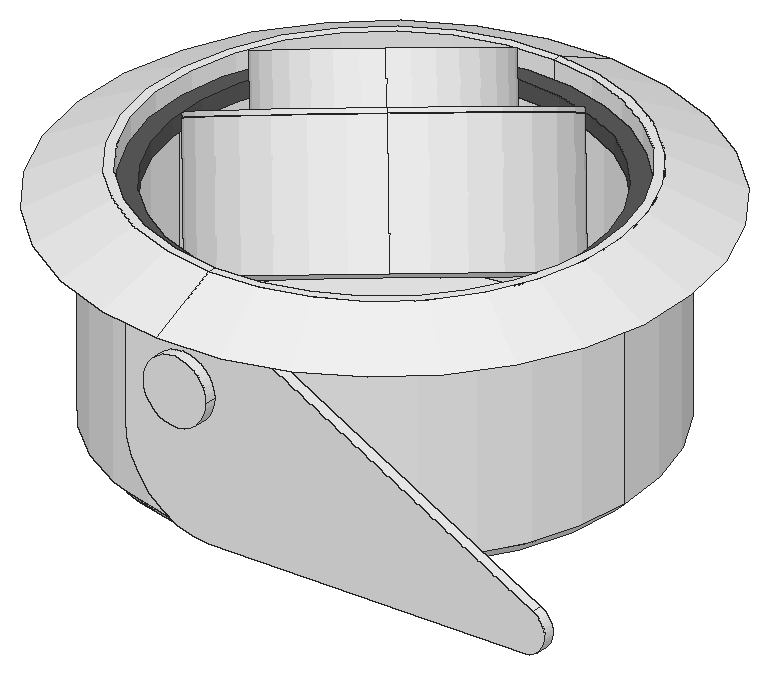
Revit family "Ciak 1.0", category Lighting Fixtures, host Face, Revit 2017
Family settings
  Host = Face
  Round Connector Dimension = Use Diameter
  Part Type = Normal
  Cut with Voids When Loaded = Yes
  Light Source = No
  Shared = No
  Room Calculation Point = Yes
Parameters (values of type "Ciak 1.0_L 52° (3000K 1.5W 1x500mA)")
  Wiring = "series"
  Width mm = 46 mm
  Weight kg = "0.07"
  Voltage = 0 V
  Vertical rotation adjusted [instance] = if(Vertical rotation > Vertical rotation max, Vertical rotation max, Vertical rotation)  # 30.00°
  Vertical rotation [instance] = 30.00°
  Vertical rotation max = 70.00°
  URL Technical sheet = "https://www.lucelight.it/media/prodotti/st/ST_CIAK_10.pdf"
  URL Image = "https://www.lucelight.it/media/prodotti/foto/ciak_1.0_still.jpg"
  URL IES Photometric file = "https://www.lucelight.it/media/prodotti/fotometrie/ciak_1.0_ies.zip"
  URL General code = "https://www.lucelight.it/en/prodotto.php/102760#a-generacodice"
  URL Description = "https://www.lucelight.it/en/capitolato.php/102760"
  URL DXF = "https://www.lucelight.it/media/prodotti/dxf/ciak_1.0.dxf"
  URL Catalogue = "https://www.lucelight.it/media/prodotti/brochure/ciak_brochure_en.pdf"
  URL Accessories and power supply units = "https://www.lucelight.it/en/prodotto.php/102760#a-scheda-accessori"
  URL = "https://www.lucelight.it/en/prodotto.php/102760"
  Trim = L&L_Black aluminium
  Radius void = 25 mm
  Power supply unit = "not included"
  Power supply = "500mA"
  Power cables = "includes 1.5 m PVC cable FROR 2x0.35/0.35 diam. 3.5 m"
  Power = "1.5W"
  Optics = "52°"
  Notes = "-"
  No. and type of led = "1 power LED"
  Model = "Ciak 1.0"
  Manufacturer = "L&L Luce&Light"
  Light Source = Light Source_1.0 : L52°
  Geometry 2 = Ciak 1.0_mod : Ciak 1.0
  Mounting = "recessed (ceiling, shelf, shop window)"
  Material = "body and trim in aluminium"
  Lumen output at source = "157 lm (3000K, 500mA)"
  Lens = L&L_Lens
  Length mm = 46 mm
  LED Colour = "3000K (also available: 2700K and 4000K - ref. URL Technical sheet)"
  L1 = 10.5 mm
  IP = "40"
  Horizontal rotation [instance] = 50.00°
  Horizontal rotation max = 350.00°
  Horizontal rotation adjusted [instance] = if(Horizontal rotation > Horizontal rotation max, Horizontal rotation max, Horizontal rotation)  # 50.00°
  Height void = 19 mm
  Height mm = 22 mm
  Geometry 1 = Ciak 1.0_Geometry 1 : Ciak 1.0_Geometry 1
  Features = "-"
  Energy efficiency class = "A A+ A++"
  Description = "indoor recessed"
  Delivered lumen output = "144 lm (3000K, 500mA, 29°)"
  Default Elevation = 1219.2 mm
  Cutout dimensions = "diam. 50 mm"
  Control system = "-"
  Contact = "T: +39 0444 360571; E: lucelight@lucelight.it"
  Company = "L&L Luce&Light"
  Code = "CK10101 B White; CK10101 N Black"
  CRI = "90"
  Body = L&L_White aluminium
  Geometry 3 = Ciak 1.0_Geometry 3 : Ciak 1.0_Geometry 3
  Apparent Load Phase 1 = 1.5 W
Types (5, lengths in mm): name | Vertical rotation adjusted | Vertical rotation | Optics | Light Source | Horizontal rotation | Horizontal rotation adjusted
  Ciak 1.0_L 52° (3000K 1.5W 1x500mA) | 30.00° | 30.00° | "52°" | Light Source_1.0 : L52° | 50.00° | 50.00°
  Ciak 1.0_M 29° (3000K 1.5W 1x500mA) | 20.00° | 20.00° | "29°" | Light Source_1.0 : M29° | 40.00° | 40.00°
  Ciak 1.0_P 48° (3000K 1.5W 1x500mA) | 20.00° | 20.00° | "48°" | Light Source_1.0 : P48° | 50.00° | 50.00°
  Ciak 1.0_S 17° (3000K 1.5W 1x500mA) | 30.00° | 30.00° | "17°" | Light Source_1.0 : S17° | 40.00° | 40.00°
  Ciak 1.0_W 16°x34° (3000K 1.5W 1x500mA) | 20.00° | 20.00° | "16°x34°" | Light Source_1.0 : W16°x34° | 50.00° | 50.00°
Reference planes
  plane 1 "Center (Front/Back)": y = 0
  plane 2: z = 0
  plane 3 "Center (Left/Right)": x = 0
  plane 4: z = -19
Forms (mm)
  Extrusion 1, void
    sketch origin (0, 0, 0) x (-0.766044, -0.642788, 0) y (-0.642788, 0.766044, 0)
      loop
        circle (0, 0) r 25
    from 0 to 19
Lines and regions (mm)
  reference lines
    curve 1: line (0, 0, 0) -> (-6.749, 8.043, 0)
    curve 2: line (-6.749, 8.043, 0) -> (-6.749, 8.043, 1.5)
Dimensions and locks
  "L1": curve 1 to curve 1
  "Height void": plane 4 to plane 2
  "Radius void": radius of Extrusion 1 sketch curve
  "Horizontal rotation adjusted": angle curve 1 to plane 1 "Center (Front/Back)"
  aligned and locked: plane 2 to host face
  aligned and locked: level to host face
  aligned and locked: Extrusion 1 to plane 4
  aligned and locked: plane 2 to Extrusion 1
Automatic sketch dimensions
  host sketch curve to host sketch curve = 2438.4 mm  (x2)
  curve 2 to curve 1 = 0 mm  (x2)
  curve 1 to curve 2 = 1.5 mm
  plane 1 "Center (Front/Back)" to curve 1 = 0 mm
  curve 1 to plane 3 "Center (Left/Right)" = 0 mm
  Extrusion 1 sketch curve to curve 1 = 0 mm  (x2)
Nested families
  nested 1: "Ciak 1.0_Geometry 3" at (0, 0, 0) x (0.6428, -0.766, 0) z (0, 0, 1), type <- "Geometry 3", type "Ciak 1.0_Geometry 3"
  nested 2: "Ciak 1.0_Geometry 1" at (0, 0, 0), type <- "Geometry 1", type "Ciak 1.0_Geometry 1"
  nested 3: "Ciak 1.0_mod" at (-6.749, 8.043, 1.1) x (-0.6428, 0.766, 0) z (0, 0, 1), type <- "Geometry 2", Vertical rotation <- "Vertical rotation adjusted", type "Ciak 1.0"
    with Vertical rotation 30.00°
  nested 4: "Light Source_1.0" at (-1.132, 1.349, 6.261) x (0.766, 0.6428, 0) z (-0.3214, 0.383, 0.866), type <- "Light Source", type "L52°"
Connectors
  electrical at (0, 0, 0), driven by "Voltage", driven by "Apparent Load Phase 1"
    settings: on host face, index 1, voltage 0 V, apparent load 0 VA, apparent load phase1 1.5 VA, apparent load phase2 0 VA, apparent load phase3 0 VA, power factor 1, load classification "Lighting", number of poles 1, system type 31, power factor state 1, is connector primary yes, connector utility no, sub classification motor no, connector description ""
Definition of nested family "Ciak 1.0_Geometry 3"
  Parameters (values of type "Ciak 01_Black Steel_01")
    Trim = none
    Default Elevation = 1219.2 mm
  Reference planes
    plane 1 "Light Source Axis (F/B)": y = 0
    plane 2: z = 0
    plane 3 "Light Source Axis (L/R)": x = 0
    plane 4 "Light Source Elevation": z = 1500
  Forms (mm)
    Extrusion 1, solid, material <- "Trim", detail levels fine
      sketch origin (56.403, -158.782, 3) x (1, 0, 0) y (0, 1, 0)
        loop
          arc (-73.344, 151.602) -> (-38.003, 158.782) -> (-73.344, 165.963) r 18.4
          arc (-73.344, 165.963) -> (-73.17, 164.078) -> (-71.503, 163.182) r 2
          line (-71.503, 163.182) -> (-66.903, 163.182) -> (-66.903, 154.382) -> (-71.503, 154.382)
          arc (-71.503, 154.382) -> (-73.17, 153.486) -> (-73.344, 151.602) r 2
        loop
          circle (-56.403, 158.782) r 20
      from -3 to -1.5
  Lines and regions (mm)
    model lines
      curve 1: circle (0, 0, 0) r 18.5 normal (0, 0, 1)
  Dimensions and locks
    aligned and locked: level to plane 2
Definition of nested family "Ciak 1.0_Geometry 1"
  Parameters (values of type "Ciak 1.0_Geometry 1")
    Radius [instance] = 23 mm
    Body = none
  Reference planes
    plane 1 "Light Source Axis (F/B)": y = 0
    plane 2: z = 0
    plane 3 "Light Source Axis (L/R)": x = 0
    plane 4 "Light Source Elevation": z = 1500
  Forms (mm)
    Revolve 1, solid, material <- "Body", detail levels medium+fine
      sketch origin (90.777, 0, 11.546) x (-1, 0, 0) y (0, 0, -1)
        loop
          line (90.777, 30.546) -> (68.777, 30.546) -> (67.777, 29.546) -> (67.777, 11.546) -> (71.177, 11.546) -> (71.177, 28.42) -> (90.777, 28.42) -> (90.777, 30.546)
        axis (90.777, 11.546) -> (90.777, 30.546)
      angle from 0 to 360
    Extrusion 2, solid, material <- "Body", detail levels fine
      sketch origin (90.777, -25.576, -12.82) x (-1, 0, 0) y (0, 0, -1)
        loop
          arc (88.327, 5.326) -> (73.196, 5.076) -> (58.095, 4.078) r 305.853
          arc (58.095, 4.078) -> (56.309, 2.447) -> (57.4, 0.288) r 2
          line (57.4, 0.288) -> (82.202, -11.808)
          arc (82.202, -11.808) -> (84.336, -12.564) -> (86.585, -12.82) r 10
          line (86.585, -12.82) -> (94.277, -12.82)
          arc (94.277, -12.82) -> (95.691, -12.235) -> (96.277, -10.82) r 2
          line (96.277, -10.82) -> (96.277, -2.674)
          arc (96.277, -2.674) -> (93.951, 2.965) -> (88.327, 5.326) r 8
      from -2.576 to -1.576
    Extrusion 3, solid, material <- "Body", detail levels fine
      sketch origin (-90.777, 25.576, -12.82) x (1, 0, 0) y (0, 0, -1)
        loop
          arc (88.327, 5.326) -> (73.196, 5.076) -> (58.095, 4.078) r 305.853
          arc (58.095, 4.078) -> (56.309, 2.447) -> (57.4, 0.288) r 2
          line (57.4, 0.288) -> (82.202, -11.808)
          arc (82.202, -11.808) -> (84.336, -12.564) -> (86.585, -12.82) r 10
          line (86.585, -12.82) -> (94.277, -12.82)
          arc (94.277, -12.82) -> (95.691, -12.235) -> (96.277, -10.82) r 2
          line (96.277, -10.82) -> (96.277, -2.674)
          arc (96.277, -2.674) -> (93.951, 2.965) -> (88.327, 5.326) r 8
      from -2.576 to -1.576
    Extrusion 4, solid, material <- "Body", detail levels fine
      sketch origin (0, 0, 50) x (-1, 0, 0) y (0, 0, -1)
        loop
          circle (0, 55.5) r 3
      from -24 to -25
    Extrusion 5, solid, material <- "Body", detail levels fine
      sketch origin (0, 0, 50) x (-1, 0, 0) y (0, 0, 1)
        loop
          circle (0, -55.5) r 3
      from -24 to -25
    Extrusion 6, solid, material <- "Body", detail levels coarse
      sketch origin (0, 0, -22) x (-1, 0, 0) y (0, -1, 0)
        loop
          circle (0, 0) r 27.3
      from 0 to 22
    Revolve 7, solid, material <- "Body", detail levels medium+fine
      sketch origin (0, 0, 0) x (0, 1, 0) y (0, 0, 1)
        loop
          line (-20.2, 0) -> (-20.2, 3) -> (-21, 3) -> (-27.186, 0) -> (-20.2, 0)
        axis (0, 3) -> (0, 0)
      angle from 0 to 360
  Text (mm)
    text "22" at (174.731, 197.186, 0), in view "Ref. Level"
    text "4.49" at (199.986, 197.211, 0), in view "Ref. Level"
    text "26.49" at (176.99, 205.162, 0), in view "Ref. Level"
  Dimensions and locks
    aligned and locked: level to plane 2
Definition of nested family "Ciak 1.0_mod"
  Parameters (values of type "Ciak 1.0")
    Vertical rotation [instance] = 10.00°
    Lens = none
    Default Elevation = 1219.2 mm
    Body = none
  Reference planes
    plane 1 "Light Source Axis (F/B)": y = 0
    plane 2: z = 0
    plane 3 "Light Source Axis (L/R)": x = 0
    plane 4 "Light Source Elevation": z = 0
    plane 5: z = 0
  Lines and regions (mm)
    reference lines
      curve 1: line (0, 0, -6.093) -> (0, 0, 0)
      curve 2: line (0, 0, 0) -> (-135.711, 0, 23.929)
  Dimensions and locks
    "Vertical rotation": angle curve 2 to plane 5
    aligned and locked: level to plane 2
  Automatic sketch dimensions
    curve 2 to level = 0 mm
    curve 2 to plane 3 "Light Source Axis (L/R)" = 0 mm
    curve 1 to curve 1 = 6.093 mm
  Nested families
    nested 1: "Ciak 01_Movable Geometry_01" at (-10.343, 0, 1.824) x (-0.9848, 0, 0.1736) z (-0.1736, 0, -0.9848), type "Ciak 01_Movable Geometry_01"
    nested 2: "Ciak 01_Extrusion Cover_01" at (-10.331, 0, 1.822) x (-0.9848, 0, 0.1736) z (-0.1736, 0, -0.9848), type "Ciak 01_Extrusion Cover_01"
  Definition of nested family "Ciak 01_Movable Geometry_01"
    Parameters (values of type "Ciak 01_Movable Geometry_01")
      Lens = none
      Default Elevation = 1219.2 mm
      Body = none
    Reference planes
      plane 1 "Light Source Axis (F/B)": y = 0
      plane 2: z = 12
      plane 3 "Light Source Axis (L/R)": x = 0
      plane 4 "Light Source Elevation": z = 1500
      plane 5: z = 0
    Forms (mm)
      Extrusion 1, solid, material <- "Body", detail levels medium
        sketch origin (-15.04, 0, 0) x (1, 0, 0) y (0, 1, 0)
          loop
            circle (15.04, 0) r 15.04
        from 0 to 12
      Extrusion 2, void
        sketch origin (-15.04, 0, 0) x (1, 0, 0) y (0, 1, 0)
          loop
            arc (7.546, -0.015) -> (9.75, -5.31) -> (15.051, -7.5) r 7.5
            arc (15.051, -7.5) -> (21.619, -3.61) -> (21.376, 4.021) r 7.5
            arc (21.376, 4.021) -> (18.647, 6.578) -> (15.023, 7.5) r 7.5
            arc (15.023, 7.5) -> (9.73, 5.29) -> (7.546, -0.015) r 7.5
        from 3 to 10.193
      Extrusion 3, solid, material <- "Body", detail levels fine
        sketch origin (-15.04, 0, 0) x (1, 0, 0) y (0, 1, 0)
          loop
            arc (0.658, -4.4) -> (17.265, -14.874) -> (30.08, 0) r 15.04
            arc (30.08, 0) -> (17.265, 14.874) -> (0.658, 4.4) r 15.04
            line (0.658, 4.4) -> (4.54, 4.4) -> (4.54, -4.4) -> (0.658, -4.4)
        from 0 to 12
      Extrusion 4, solid, material <- "Body", detail levels coarse
        sketch origin (-15.04, 0, 0) x (1, 0, 0) y (0, 1, 0)
          loop
            circle (15.04, 0) r 15.04
        from 0 to 12
      Extrusion 5, solid, material <- "Lens", detail levels medium
        sketch origin (-15.04, 0, 0) x (1, 0, 0) y (0, 1, 0)
          loop
            arc (7.546, -0.015) -> (9.75, -5.31) -> (15.051, -7.5) r 7.5
            arc (15.051, -7.5) -> (21.619, -3.61) -> (21.376, 4.021) r 7.5
            arc (21.376, 4.021) -> (18.647, 6.578) -> (15.023, 7.5) r 7.5
            arc (15.023, 7.5) -> (9.73, 5.29) -> (7.546, -0.015) r 7.5
        from -0.1 to 0.358
      Extrusion 6, solid, material <- "Lens", detail levels fine
        sketch origin (-15.04, 0, 0) x (1, 0, 0) y (0, 1, 0)
          loop
            arc (7.546, -0.015) -> (9.75, -5.31) -> (15.051, -7.5) r 7.5
            arc (15.051, -7.5) -> (21.619, -3.61) -> (21.376, 4.021) r 7.5
            arc (21.376, 4.021) -> (18.647, 6.578) -> (15.023, 7.5) r 7.5
            arc (15.023, 7.5) -> (9.73, 5.29) -> (7.546, -0.015) r 7.5
        from -0.1 to 0.358
    Cuts and joins
      Extrusion 2 cuts Extrusion 1
    Dimensions and locks
      plane 2 to plane 5 = 12 mm
      plane 2 to level = 12 mm
      aligned and locked: plane 2 to Extrusion 4
      aligned and locked: Extrusion 4 to cut or joined group of Extrusion 1, Extrusion 2
  Definition of nested family "Ciak 01_Extrusion Cover_01"
    Parameters (values of type "Ciak 01_Extrusion Cover_01")
      Default Elevation = 4.5 mm
      Body = none
    Reference planes
      plane 1 "Light Source Axis (F/B)": y = 0
      plane 2: z = 0
      plane 3 "Light Source Axis (L/R)": x = 0
      plane 4 "Light Source Elevation": z = 0
      plane 5: z = -4.9
    Forms (mm)
      Extrusion 1, solid, material <- "Body", detail levels fine
        sketch origin (0, 0, 0) x (1, 0, 0) y (0, 1, 0)
          loop
            circle (0.025, 0) r 10
          loop
            arc (-9.574, 0.049) -> (0.025, -9.6) -> (9.625, 0.049) r 9.6
            arc (9.625, 0.049) -> (0.025, 9.6) -> (-9.574, 0.049) r 9.6
        from -0.4 to -4.9
      Extrusion 2, solid, material <- "Body", detail levels fine
        sketch origin (0, 0, 0) x (1, 0, 0) y (0, 1, 0)
          loop
            line (-14.376, 4.4) -> (-10.487, 4.4) -> (-10.487, -4.396) -> (-14.377, -4.396)
            arc (-14.377, -4.396) -> (2.222, -14.869) -> (15.034, 0) r 15.034
            arc (15.034, 0) -> (2.224, 14.868) -> (-14.376, 4.4) r 15.034
          loop
            arc (-0.017, 7.5) -> (-5.31, 5.29) -> (-7.494, -0.015) r 7.5
            arc (-7.494, -0.015) -> (-5.29, -5.31) -> (0.01, -7.5) r 7.5
            arc (0.01, -7.5) -> (6.579, -3.61) -> (6.336, 4.021) r 7.5
            arc (6.336, 4.021) -> (3.607, 6.578) -> (-0.017, 7.5) r 7.5
        from -0.4 to 0
    Dimensions and locks
      level to plane 5 = 4.9 mm
      aligned and locked: level to plane 2
Definition of nested family "Light Source_1.0"
  Parameters (values of type "L52°")
    Wattage = 1.05694 W
    built-in parameter 1150110 = 1 (stored number, unit not read)
    built-in parameter 1114217 = 1 (stored number, unit not read)
    Tilt Angle = 0.00°
    built-in parameter 1150109 = 1 (stored number, unit not read)
    built-in parameter 1150134 = (empty or 0)
    built-in parameter 1150113 = 1 (stored number, unit not read)
    Photometric Web File = "CIAK 1.0 L 52° [3000K 1.5W 1x500mA].IES"
    Lumens = 157 lm
    built-in parameter 1150115 = 1 (stored number, unit not read)
    built-in parameter 1150105 = 12.494 (stored number, unit not read)
    built-in parameter 1150137 = (empty or 0)
    built-in parameter 1150139 = (empty or 0)
    built-in parameter 1150112 = 1 (stored number, unit not read)
    built-in parameter 1150114 = 1 (stored number, unit not read)
    built-in parameter 1150132 = 2
    built-in parameter 1150102 = (empty or 0)
    built-in parameter 1150138 = (empty or 0)
    built-in parameter 1150107 = 3000 (stored number, unit not read)
    built-in parameter 1150106 = 0.12494 (stored number, unit not read)
    built-in parameter 1150104 = 13.8 (stored number, unit not read)
    Dimming Lamp Color Temperature Shift = (empty or 0)
    Default Elevation = 1219.2 mm
    Color Filter = 16777215
    built-in parameter 1114218 = 1 (stored number, unit not read)
    built-in parameter 1150133 = 10 (stored number, unit not read)
  Types (5, lengths in mm): name | Photometric Web File
    L52° | "CIAK 1.0 L 52° [3000K 1.5W 1x500mA].IES"
    M29° | "CIAK 1.0 M 29° [3000K 1.5W 1x500mA].IES"
    P48° | "CIAK 1.0 P (48°) [3000K 1.5W 1x500mA].IES"
    S17° | "CIAK 1.0 S 17° [3000K 1.5W 1x500mA].IES"
    W16°x34° | "CIAK 1.0 W 16°x34° [3000K 1.5W 1x500mA].IES"
  Reference planes
    plane 1 "Light Source Axis (F/B)": y = 0
    plane 2: z = 0
    plane 3 "Light Source Axis (L/R)": x = 0
    plane 4 "Light Source Elevation": z = 0
  Dimensions and locks
    aligned and locked: plane 1 "Light Source Axis (F/B)" to imposter light
    aligned and locked: level to plane 2
